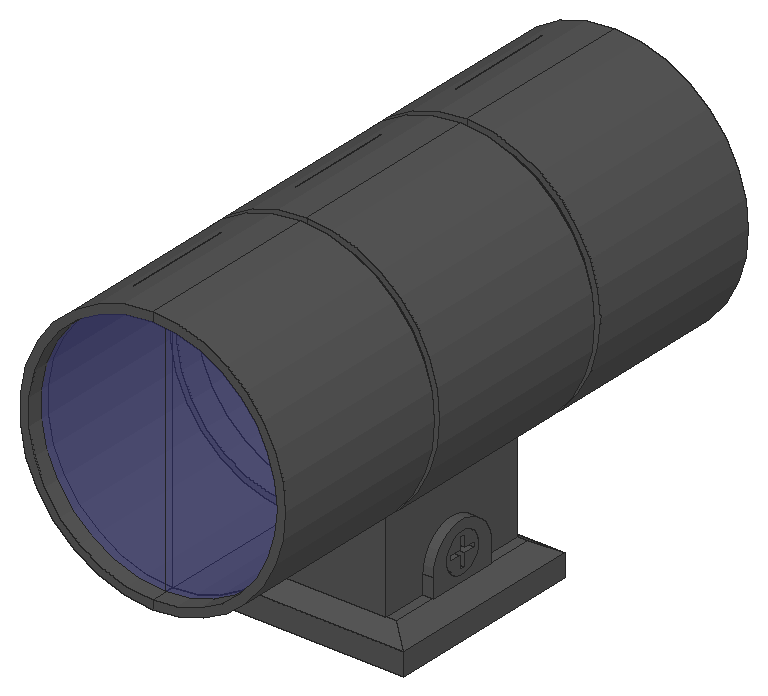
Revit family "CARLO CYLINDER LIGHT WALL MOUNT", category Lighting Fixtures, host Face, Revit 2020 (continued)
Types (10): name | Wattage_Input | Wattage Comments | Wattage | Photometric Web File | built-in parameter 1150142 | Model | built-in parameter 1150105 | Lumens | Light Length 1 | LIGHT RADIUS | LIGHT PLACEMENT | LIGHT LENGTH | LIGHT DIA | built-in parameter 1150106 | FIXED END HEIGHT | Curve base Height | Base Curve | BEAMING ANGLE | Apparent Load
    4 4.1639 3.8859 3.6081 3.3383 3.0793 \r\n 2.8318 2.5966 2.3756 2.1701 1.9818 1.8142 1.6639 1.527 1.4093 1.3163 \r\n 1.2446 1.193 1.1602 1.1409 1.1456 1.1865 1.2526 1.3448 1.4399 1.514 \r\n 1.569 1.5994 1.6042 1.5777 1.5284 1.4666 1.381 1.2551 1.1156 0.98872 \r\n 0.8584 0.70936 0.56512 0.44658 0.3463 0.26974 0.19913 0.10608 0.027943 0.0033502 \r\n 0.00013842 0 0 0 0 0.047635 0.11542 0.18803 0.27659 0.39168 \r\n 0.51963 0.64863 0.78369 0.9318 1.0752 1.1903 1.301 1.4389 1.5574 1.6049 \r\n 1.6278 1.6712 1.6883 1.6299 1.5518 1.5071 1.455 1.3586 1.2589 1.1849 \r\n 1.1356 1.1226 1.138 1.1798 1.242 1.3174 1.4086 1.5138 1.6398 1.7986 \r\n 1.9739 2.1468 2.3374 2.569 2.813 3.0381 3.276 3.5583 3.854 4.1322 \r\n 4.4244 4.7626 5.1135 5.4469 5.7857 6.1445 6.5182 6.9104 7.31 7.6999 \r\n 8.1031 8.5488 9.0019 9.4241 9.8532 10.325 10.807 11.272 11.742 12.222 \r\n 12.731 13.306 13.894 14.434 14.984 15.578 16.235 17.026 17.831 18.519 \r\n 19.191 19.774 20.663 22.357 24.482 26.287 29.399 34.543 43.664 59.582 \r\n 80.394 105.61 133.8 163.46 194.32 225.65 257.34 289.59 320.73 349.19 \r\n 375.02 398.39 417.41 429.18 436.78 441.84 445.74 450.95 455.89 459.52 \r\n 462.68 465.9 469.06 472.22 475.44 478.81 482.38 486.18 490.39 495.07 \r\n 500.52 506.94 514.65 523.94 535.03 547.99 563.53 582.07 604.61 632.49 \r\n 665.11 702.61 744.21 789.33 837.57 888.42 941.59 996.65 1053.7 1113 \r\n 1173.2 1233.2 1292.3 1349.2 1405.1 1461.3 1516.4 1569.8 1621.7 1671.7 \r\n 1720.6 1769 1816.6 1862.8 1908.9 1956.6 2004.5 2051.8 2097.6 2140.7 \r\n 2181.2 2219.3 2254.1 2285 2312.3 2336.6 2357.3 2374 2386.8 2395.6 \r\n 2401.4 2405.3 2407.9 2410 2411.8 2413.8 2415.4 2416.2 2416.8 2417.4 \r\n 2421.2 \r\n2410.7 2419.3 2420.8 2422.3 2423.8 2425 2426.1 2427 2427.6 2427.7 \r\n 2427.2 2426.4 2424 2418.6 2410.5 2399.4 2385.4 2368.5 2347.9 2322.6 \r\n 2293.4 2260.2 2224 2185.9 2144.9 2099.1 2051 2002.7 1953.7 1904 \r\n 1854.5 1807 1759 1708.1 1656.4 1605.1 1553.4 1500.9 1447.6 1393.5 \r\n 1338.4 1281.8 1224.4 1166.3 1107.8 1049.2 991.37 935.18 881.14 829.94 \r\n 781.79 736.82 696.04 660.69 630.29 605.07 584.05 566.52 551.92 539.54 \r\n 529.22 520.74 513.68 507.58 502.33 497.68 493.54 489.75 486.28 483.03 \r\n 479.97 477.05 474.22 471.67 468.64 464.02 459.1 455.59 451.04 444.01 \r\n 433.22 416.47 395.14 369.4 340.74 310.43 279.24 248.49 217.74 186.7 \r\n 156.3 127.08 99.944 75.365 55.23 42.444 34.42 30.105 27.807 25.217 \r\n 23.137 21.672 20.61 19.842 19.176 18.321 17.473 16.762 16.108 15.474 \r\n 14.867 14.282 13.718 13.165 12.637 12.161 11.695 11.191 10.694 10.243 \r\n 9.8048 9.3561 8.916 8.5021 8.0943 7.6694 7.2539 6.8752 6.5065 6.1202 \r\n 5.7463 5.4156 5.0969 4.7596 4.4328 4.1432 3.868 3.5899 3.3195 3.0615 \r\n 2.8151 2.58 2.359 2.1546 1.9672 1.7986 1.6475 1.512 1.3961 1.3034 \r\n 1.2332 1.1875 1.1618 1.1482 1.1591 1.2097 1.284 1.378 1.4717 1.544 \r\n 1.5947 1.6169 1.6136 1.5846 1.5325 1.4616 1.3669 1.2362 1.0946 0.96976 \r\n 0.84157 0.68934 0.54277 0.42949 0.33501 0.25843 0.18649 0.092878 0.015853 0 \r\n 0 0 0 0 0.0011955 0.043842 0.10599 0.17637 0.26324 0.3751 \r\n 0.49996 0.62564 0.76113 0.92245 1.0762 1.1782 1.277 1.4317 1.5669 1.6024 \r\n 1.6114 1.662 1.6891 1.629 1.5496 1.5145 1.472 1.3749 1.2726 1.2007 \r\n 1.1538 1.1409 1.155 1.1932 1.252 1.3267 1.417 1.517 1.6379 1.7962 \r\n 1.9707 2.1367 2.3207 2.5525 2.7973 3.0179 3.2515 3.5358 3.8322 4.1001 \r\n 4.383 4.7262 5.0838 5.4141 5.75 6.1157 6.4958 6.8832 7.2774 7.6701 \r\n 8.0777 8.5251 8.9788 9.3999 9.8296 10.309 10.799 11.268 11.737 12.21 \r\n 12.709 13.278 13.858 14.378 14.91 15.492 16.145 16.949 17.768 18.465 \r\n 19.126 19.654 20.464 22.054 24.082 25.952 28.93 33.268 41.413 56.572 \r\n 76.722 101.39 129.15 158.49 189.19 220.64 252.53 284.84 316.11 344.87 \r\n 371.16 395.26 415.12 427.88 436.27 441.5 445.38 450.7 455.75 459.44 \r\n 462.63 465.85 469 472.12 475.32 478.68 482.22 485.96 490.09 494.72 \r\n 500.07 506.28 513.73 522.84 533.7 546.25 561.3 579.32 601.26 628.43 \r\n 660.3 696.96 737.82 782.57 830.46 880.59 933.07 987.73 1044.5 1103.7 \r\n 1163.9 1224.1 1283.4 1340.6 1396.8 1453.4 1509 1562.9 1615.1 1665.3 \r\n 1714.2 1762.6 1810.3 1856.6 1902.8 1950.4 1998.2 2045.4 2091.2 2134.5 \r\n 2175.5 2214 2249.4 2280.7 2308.5 2333.5 2354.9 2372.1 2385.5 2394.8 \r\n 2401.2 2405.3 2407.9 2409.9 2411.5 2413.6 2415.4 2416.2 2416.6 2417.3 \r\n 2421.2 \r\n2410.7 2419.6 2421.1 2422.7 2424.2 2425.4 2426.3 2427.1 2427.6 2427.8 \r\n 2427.2 2426 2423.1 2417.2 2408.6 2396.8 2382 2364.3 2343 2317.2 \r\n 2287.4 2254 2217.5 2179 2137.3 2091.2 2042.9 1994.1 1944.9 1895.4 \r\n 1846.2 1798.2 1749.8 1699 1647.3 1595.5 1543.3 1490.7 1437.4 1383.3 \r\n 1328.2 1271.6 1214.2 1156.1 1097.7 1039.2 981.59 925.97 872.55 821.81 \r\n 774.19 729.98 690.05 655.52 625.9 601.46 581.12 564.06 549.84 537.82 \r\n 527.81 519.53 512.64 506.74 501.66 497.12 493.05 489.33 485.89 482.66 \r\n 479.6 476.68 473.79 470.93 467.66 463.18 458.46 455.02 450.34 442.7 \r\n 431.18 413.88 392.09 365.92 336.98 306.76 275.68 244.72 213.74 182.55 \r\n 152.31 124.13 97.99 73.224 52.857 40.893 33.731 29.444 27.008 24.565 \r\n 22.683 21.392 20.457 19.686 18.983 18.132 17.3 16.616 15.986 15.352 \r\n 14.738 14.151 13.588 13.043 12.523 12.042 11.569 11.068 10.574 10.125 \r\n 9.6871 9.2334 8.7882 8.3751 7.9702 7.5485 7.1364 6.7606 6.3952 6.0147 \r\n 5.6454 5.3134 4.9939 4.663 4.344 4.0593 3.7884 3.5148 3.2489 2.9954 \r\n 2.7539 2.5253 2.3109 2.1119 1.9298 1.7671 1.6223 1.4942 1.3852 1.2973 \r\n 1.2313 1.189 1.1683 1.165 1.1874 1.2494 1.3311 1.4215 1.5082 1.5761 \r\n 1.6213 1.6306 1.6162 1.5901 1.5387 1.4471 1.3335 1.2115 1.0811 0.94642 \r\n 0.80856 0.66543 0.53038 0.41841 0.32252 0.24477 0.17298 0.084323 0.01276 0 \r\n 0 0 0 0 0.00098082 0.038897 0.09535 0.16055 0.2446 0.3609 \r\n 0.4897 0.60897 0.73888 0.90782 1.0689 1.1636 1.255 1.4158 1.5581 1.5902 \r\n 1.5958 1.6524 1.6871 1.6305 1.5525 1.5172 1.4733 1.3746 1.2709 1.199 \r\n 1.1515 1.1349 1.1437 1.1742 1.2265 1.3013 1.3935 1.4947 1.6165 1.7744 \r\n 1.9482 2.1142 2.2981 2.5292 2.7732 2.9927 3.2256 3.5109 3.808 4.0741 \r\n 4.3553 4.6996 5.0584 5.3875 5.7222 6.09 6.4713 6.8539 7.2437 7.6402 \r\n 8.0508 8.4905 8.9363 9.3594 9.7921 10.267 10.754 11.227 11.702 12.176 \r\n 12.677 13.247 13.829 14.358 14.898 15.487 16.145 16.946 17.759 18.448 \r\n 19.101 19.631 20.43 21.957 23.924 25.837 28.78 32.79 40.525 55.342 \r\n 75.177 99.517 127.06 156.49 187.32 218.64 250.34 282.45 313.61 342.48 \r\n 369.03 393.46 413.77 427.23 436.26 441.64 445.52 450.84 455.9 459.67 \r\n 462.94 466.15 469.25 472.36 475.53 478.85 482.36 486.07 490.16 494.71 \r\n 499.98 506.12 513.49 522.47 533.19 545.63 560.54 578.36 600.07 626.97 \r\n 658.57 695.02 735.63 780.01 827.51 877.36 929.54 983.77 1040.2 1099.2 \r\n 1159.5 1219.8 1279.5 1336.8 1393.1 1449.8 1505.7 1559.9 1612.4 1662.7 \r\n 1711.7 1760.4 1808.2 1854.4 1900.4 1947.8 1995.3 2042.4 2088.2 2131.7 \r\n 2172.8 2211.4 2246.9 2278.5 2306.7 2331.9 2353.6 2371.1 2384.7 2394.4 \r\n 2401 2405.4 2408.2 2410.1 2411.6 2413.7 2415.5 2416.3 2416.7 2417.3 \r\n 2421.2 \r\n2410.7 2419.9 2421.5 2423.2 2424.7 2425.7 2426.5 2427.2 2427.6 2427.7 \r\n 2427 2425.4 2421.9 2415.6 2406.4 2393.9 2378.2 2359.6 2337.5 2311 \r\n 2280.8 2247.1 2210.3 2171.2 2129 2082.6 2034 1985 1935.6 1886.5 \r\n 1837.6 1789.2 1740.2 1689.5 1637.7 1585.4 1532.7 1479.9 1426.6 1372.4 \r\n 1317.3 1260.7 1203.2 1145.1 1086.7 1028.4 971.16 916.16 863.44 813.2 \r\n 766.12 722.77 683.78 650.09 621.29 597.66 578.04 561.47 547.64 536.01 \r\n 526.32 518.25 511.53 505.84 500.94 496.52 492.53 488.87 485.48 482.26 \r\n 479.19 476.27 473.3 470.1 466.54 462.22 457.73 454.36 449.52 441.21 \r\n 428.91 411.04 388.77 362.19 333.01 302.96 272.09 240.91 209.68 178.33 \r\n 148.3 121.38 96.415 71.404 50.703 39.574 33.292 28.99 26.355 24.008 \r\n 22.281 21.138 20.312 19.527 18.779 17.929 17.112 16.456 15.851 15.216 \r\n 14.595 14.006 13.443 12.907 12.394 11.906 11.426 10.926 10.437 9.9893 \r\n 9.5515 9.0921 8.6416 8.2291 7.8272 7.4094 7.0016 6.6285 6.2666 5.8932 \r\n 5.5297 5.1956 4.8744 4.5512 4.2417 3.9621 3.6956 3.4276 3.1673 2.919 \r\n 2.6832 2.4622 2.2556 2.0628 1.887 1.7315 1.5945 1.4749 1.3739 1.2922 \r\n 1.2312 1.1926 1.1772 1.185 1.2199 1.2935 1.3822 1.4676 1.5456 1.6091 \r\n 1.6483 1.6437 1.6172 1.5951 1.5452 1.4307 1.2967 1.1858 1.069 0.92251 \r\n 0.77284 0.64104 0.51997 0.40838 0.30953 0.2301 0.15861 0.076429 0.011655 0 \r\n 0.000011 0 0 0 0.00069676 0.034379 0.085602 0.14547 0.22662 0.34819 \r\n 0.48172 0.59468 0.7184 0.89288 1.0597 1.1495 1.2353 1.3989 1.5451 1.5762 \r\n 1.5812 1.6422 1.6825 1.6307 1.5555 1.5174 1.4696 1.3696 1.2652 1.1932 \r\n 1.1447 1.1246 1.1282 1.151 1.197 1.2719 1.3665 1.4701 1.5939 1.7514 \r\n 1.9246 2.0923 2.2777 2.5078 2.7504 2.97 3.2033 3.4887 3.786 4.0526 \r\n 4.3341 4.6782 5.0366 5.3647 5.6988 6.0676 6.4491 6.8274 7.2136 7.6141 \r\n 8.0275 8.458 8.8945 9.3205 9.757 10.226 10.707 11.184 11.666 12.145 \r\n 12.649 13.221 13.807 14.349 14.905 15.506 16.169 16.961 17.762 18.441 \r\n 19.092 19.64 20.448 21.923 23.845 25.812 28.769 32.595 40.08 54.669 \r\n 74.279 98.373 125.76 155.31 186.26 217.41 248.84 280.67 311.64 340.56 \r\n 367.29 391.96 412.63 426.74 436.36 441.92 445.8 451.09 456.11 459.99 \r\n 463.37 466.55 469.62 472.71 475.86 479.14 482.6 486.3 490.37 494.85 \r\n 500.04 506.14 513.47 522.35 532.97 545.36 560.23 577.94 599.52 626.27 \r\n 657.72 694.11 734.61 778.64 825.76 875.41 927.39 981.24 1037.3 1096.2 \r\n 1156.4 1217 1276.8 1334.3 1390.7 1447.5 1503.4 1557.9 1610.7 1661.2 \r\n 1710.4 1759.3 1807.2 1853.3 1899.1 1946.2 1993.5 2040.5 2086.3 2129.8 \r\n 2170.9 2209.5 2245.2 2277 2305.4 2330.8 2352.6 2370.2 2384.1 2394.1 \r\n 2401 2405.6 2408.5 2410.3 2411.7 2413.8 2415.7 2416.4 2416.7 2417.3 \r\n 2421.2 \r\n2410.7 2420.2 2421.8 2423.6 2425.1 2426 2426.7 2427.2 2427.4 2427.5 \r\n 2426.7 2424.6 2420.5 2413.8 2404.1 2390.8 2374.2 2354.7 2331.6 2304.4 \r\n 2273.7 2239.7 2202.7 2163 2120.1 2073.5 2024.9 1975.6 1926.2 1877.6 \r\n 1829 1780.1 1730.6 1679.8 1628.1 1575.2 1521.9 1468.9 1415.5 1361.3 \r\n 1306.1 1249.5 1192 1133.8 1075.5 1017.4 960.53 906.18 854.17 804.43 \r\n 757.93 715.48 677.45 644.62 616.64 593.82 574.91 558.84 545.41 534.17 \r\n 524.81 516.96 510.41 504.92 500.21 495.89 491.99 488.39 485.04 481.83 \r\n 478.75 475.85 472.8 469.23 465.36 461.21 456.95 453.65 448.63 439.6 \r\n 426.45 407.99 385.25 358.3 328.94 299.1 268.44 237.07 205.59 174.12 \r\n 144.33 118.68 94.915 69.706 48.709 38.408 32.987 28.662 25.815 23.533 \r\n 21.927 20.907 20.172 19.365 18.57 17.721 16.92 16.289 15.707 15.072 \r\n 14.444 13.853 13.289 12.761 12.255 11.76 11.273 10.776 10.291 9.8448 \r\n 9.4063 8.9422 8.4873 8.0751 7.6758 7.2627 6.8599 6.4892 6.1302 5.7649 \r\n 5.4082 5.0713 4.7478 4.4331 4.1338 3.8593 3.597 3.335 3.0811 2.8382 \r\n 2.6083 2.3952 2.1968 2.0107 1.8416 1.6939 1.5652 1.4546 1.3623 1.2874 \r\n 1.2324 1.1982 1.1885 1.2078 1.255 1.34 1.4351 1.5142 1.5825 1.6417 \r\n 1.6752 1.656 1.617 1.5992 1.5514 1.4136 1.2588 1.1603 1.0581 0.8988 \r\n 0.73636 0.61695 0.5109 0.39886 0.29598 0.21469 0.14377 0.069025 0.011829 0 \r\n 0.000044 0 0 0 0.0003917 0.030455 0.077123 0.13198 0.21034 0.33701 \r\n 0.47517 0.5825 0.70032 0.87811 1.0489 1.1361 1.2185 1.3821 1.5294 1.5616 \r\n 1.5683 1.6319 1.6758 1.6296 1.5579 1.5155 1.4622 1.3613 1.257 1.1847 \r\n 1.135 1.1121 1.1114 1.1273 1.1676 1.2427 1.3398 1.4464 1.5726 1.7296 \r\n 1.9023 2.0727 2.2607 2.4894 2.7303 2.9509 3.1855 3.4702 3.767 4.0356 \r\n 4.3189 4.6619 5.0185 5.3459 5.6797 6.0486 6.4297 6.8045 7.188 7.5926 \r\n 8.0084 8.4295 8.8568 9.2862 9.7266 10.189 10.663 11.145 11.633 12.117 \r\n 12.626 13.201 13.792 14.351 14.925 15.539 16.208 16.987 17.771 18.444 \r\n 19.097 19.674 20.5 21.934 23.823 25.86 28.868 32.615 39.965 54.387 \r\n 73.827 97.763 125.05 154.71 185.72 216.66 247.79 279.3 310.03 338.95 \r\n 365.82 390.65 411.62 426.34 436.54 442.28 446.18 451.41 456.37 460.36 \r\n 463.86 467.04 470.05 473.13 476.27 479.51 482.94 486.62 490.67 495.09 \r\n 500.22 506.3 513.61 522.41 532.95 545.35 560.22 577.89 599.39 626.07 \r\n 657.46 693.86 734.32 778.03 824.81 874.33 926.19 979.68 1035.4 1094.2 \r\n 1154.4 1215.1 1275.1 1332.7 1389.2 1446 1501.9 1556.5 1609.6 1660.3 \r\n 1709.7 1758.9 1806.9 1853 1898.6 1945.4 1992.4 2039.3 2085.1 2128.5 \r\n 2169.6 2208.2 2243.8 2275.8 2304.4 2329.9 2351.8 2369.6 2383.7 2393.8 \r\n 2401 2405.9 2408.9 2410.7 2412 2414.1 2415.9 2416.5 2416.8 2417.4 \r\n 2421.2 \r\n2410.7 2420.5 2422.2 2423.9 2425.4 2426.3 2426.8 2427.1 2427.2 2427.1 \r\n 2426.2 2423.6 2419 2411.8 2401.6 2387.6 2370.1 2349.6 2325.6 2297.7 \r\n 2266.4 2232.2 2195 2154.6 2111.2 2064.4 2015.8 1966.5 1917.1 1869 \r\n 1820.7 1771.4 1721.3 1670.5 1618.7 1565.3 1511.4 1458.2 1404.7 1350.4 \r\n 1295.1 1238.4 1180.9 1122.7 1064.5 1006.6 950.12 896.42 845.11 795.88 \r\n 749.95 708.37 671.29 639.31 612.13 590.08 571.86 556.27 543.23 532.36 \r\n 523.32 515.68 509.3 504.01 499.47 495.27 491.44 487.91 484.59 481.4 \r\n 478.31 475.42 472.3 468.38 464.21 460.21 456.17 452.91 447.68 437.89 \r\n 423.88 404.8 381.6 354.34 324.85 295.21 264.75 233.2 201.53 169.98 \r\n 140.43 115.89 93.186 67.929 46.814 37.32 32.703 28.38 25.354 23.125 \r\n 21.617 20.694 20.031 19.199 18.362 17.516 16.731 16.123 15.56 14.925 \r\n 14.292 13.698 13.134 12.614 12.113 11.612 11.117 10.624 10.145 9.6996 \r\n 9.2599 8.7935 8.3365 7.9239 7.5262 7.1189 6.7221 6.3527 5.9956 5.6389 \r\n 5.2897 4.9496 4.6234 4.3173 4.0284 3.7583 3.4996 3.2438 2.9963 2.7587 \r\n 2.5343 2.3288 2.1382 1.9586 1.7961 1.656 1.5355 1.4337 1.3501 1.2825 \r\n 1.2341 1.2054 1.2023 1.2325 1.2912 1.3867 1.4874 1.5594 1.6173 1.6728 \r\n 1.7014 1.6677 1.616 1.6024 1.5567 1.3967 1.2223 1.136 1.048 0.87607 \r\n 0.70106 0.59393 0.50256 0.38933 0.28179 0.1988 0.12887 0.061944 0.012573 0 \r\n 0.000082 0 0 0 0.00011348 0.027298 0.070283 0.12091 0.19681 0.32738 \r\n 0.46914 0.57224 0.68526 0.86402 1.0368 1.1239 1.2054 1.3665 1.5123 1.5475 \r\n 1.558 1.622 1.6669 1.6266 1.5592 1.5119 1.4525 1.3513 1.2479 1.175 \r\n 1.1241 1.0995 1.0961 1.1068 1.1428 1.218 1.3171 1.4264 1.5549 1.7112 \r\n 1.8834 2.0573 2.2484 2.4755 2.7143 2.9367 3.1731 3.4561 3.7515 4.0231 \r\n 4.3093 4.6504 5.0043 5.331 5.6645 6.0332 6.4136 6.7859 7.1679 7.5761 \r\n 7.9941 8.4069 8.8261 9.2591 9.7035 10.159 10.627 11.112 11.607 12.097 \r\n 12.612 13.188 13.785 14.361 14.952 15.58 16.254 17.016 17.781 18.452 \r\n 19.113 19.722 20.572 21.97 23.838 25.96 29.05 32.786 40.065 54.332 \r\n 73.614 97.491 124.75 154.42 185.39 216.11 246.96 278.15 308.61 337.49 \r\n 364.45 389.42 410.67 425.97 436.73 442.67 446.6 451.74 456.62 460.75 \r\n 464.39 467.56 470.53 473.6 476.72 479.93 483.33 487.01 491.05 495.41 \r\n 500.48 506.55 513.85 522.58 533.06 545.47 560.37 578.01 599.48 626.11 \r\n 657.47 693.92 734.36 777.8 824.28 873.7 925.47 978.67 1034.1 1092.7 \r\n 1152.9 1213.7 1273.9 1331.5 1388.1 1444.9 1500.8 1555.6 1608.8 1659.8 \r\n 1709.4 1758.8 1807.1 1853 1898.4 1945 1991.7 2038.6 2084.3 2127.6 \r\n 2168.7 2207.2 2242.8 2274.9 2303.7 2329.2 2351.2 2369.1 2383.3 2393.7 \r\n 2401.1 2406.2 2409.4 2411.1 2412.3 2414.3 2416.1 2416.7 2416.9 2417.4 \r\n 2421.2 \r\n2410.7 2420.6 2422.3 2424.1 2425.6 2426.3 2426.7 2427 2426.9 2426.6 \r\n 2425.4 2422.4 2417.4 2409.9 2399.3 2384.6 2366.4 2345.1 2320.4 2291.8 \r\n 2260 2225.6 2188.1 2147.2 2103.4 2056.7 2008.2 1959.2 1910.1 1862.1 \r\n 1813.9 1764.5 1714.2 1663.1 1611.1 1557.4 1503.1 1449.7 1396 1341.4 \r\n 1285.9 1229.2 1171.7 1113.5 1055.4 997.77 941.7 888.53 837.79 788.98 \r\n 743.51 702.59 666.23 634.97 608.48 587.02 569.29 554.11 541.4 530.81 \r\n 522.01 514.58 508.38 503.23 498.8 494.69 490.92 487.42 484.14 480.95 \r\n 477.88 475.05 471.93 467.76 463.37 459.47 455.57 452.35 446.94 436.38 \r\n 421.49 401.77 378.13 350.77 321.31 291.6 261.08 229.47 197.76 166.23 \r\n 136.76 112.38 89.971 65.227 44.74 35.99 32.002 27.858 24.865 22.75 \r\n 21.343 20.487 19.859 19.021 18.168 17.336 16.572 15.975 15.419 14.786 \r\n 14.152 13.557 12.994 12.478 11.983 11.478 10.98 10.495 10.025 9.5775 \r\n 9.1363 8.6776 8.228 7.8126 7.4124 7.0135 6.6251 6.2528 5.893 5.5452 \r\n 5.2048 4.8612 4.5313 4.2324 3.9521 3.6839 3.4265 3.1759 2.9341 2.6994 \r\n 2.4779 2.2768 2.091 1.9157 1.7575 1.6219 1.5066 1.4117 1.3354 1.2749 \r\n 1.2343 1.2154 1.2221 1.2599 1.3255 1.4302 1.5357 1.5991 1.6465 1.7018 \r\n 1.729 1.6803 1.6147 1.6052 1.563 1.3852 1.1945 1.1176 1.0408 0.85825 \r\n 0.67273 0.57515 0.4949 0.37852 0.26553 0.18228 0.1148 0.054481 0.011569 0 \r\n 0.000092 0 0 0 0.000059 0.025937 0.067254 0.11643 0.19082 0.31941 \r\n 
